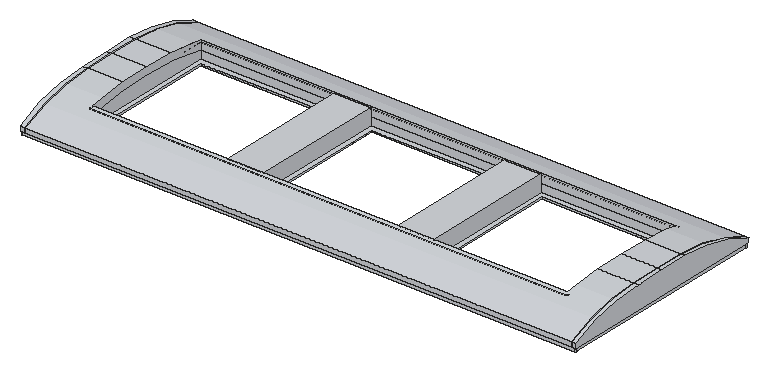
Revit family "Gira_021359", category Electrical Fixtures, host Face, Revit 2017
Family settings
  Host = Face
  Maintain Annotation Orientation = No
  Round Connector Dimension = Use Diameter
  Part Type = Normal
  Cut with Voids When Loaded = No
  Shared = No
  Room Calculation Point = No
Parameters (values of type "Cov.fr. 3-g interm.fr. CAl Gira Event Opaque dark brown")
  With mounting grid = "No"
  With hinged lid = "No"
  URL = "http://katalog.gira.de/en/datenblatt.html?artikelnr=021359"
  Type of fastening = "Clamp mounting"
  Transparent = "No"
  Surface protection = "Other"
  Suitable for wall duct = "No"
  Suitable for flush-mounted installation = "Yes"
  Suitable for floor box = "No"
  Suitable for built-in installation = "No"
  Number of units vertical = "3"
  Number of units horizontal = "3"
  Number of units = "3"
  Name = "Cov.fr. 3-g interm.fr. CAl Gira Event Opaque dark brown"
  Mounting direction = "Horizontal and vertical"
  Material quality = "Thermoplastic"
  Material = "Plastic"
  Manufacturer URL = "https://www.gira.de/"
  Manufacturer = "Gira"
  Label space/information surface = "No"
  Keynote = ""
  HeinzeBIM = "https://bimportal.heinze.de/bim/cov-fr-3-g-interm-fr-cal-gira-event-opaque-dark-brown/2b86bb081d79cfe746fb42c2c3793d3ba22d6d92"
  Halogen free = "Yes"
  HAN = "021359"
  GTIN = "4010337003441"
  Description = "Cov.fr.3g i.fr.CAl EvOp DBN,Gira Event Opaque frames,dark brown with colour aluminium intermediate frame,3-gang,Features:,- Shatter-proof."
  Degree of protection (IP) = "IP20"
  Default Elevation = 1219.2 mm
  Data sheet (1) = "https://katalog.gira.de/en/download.html?artikelnr=021359"
  Colour = "Brown"
  Category = "Cover frame for domestic switching devices"
  BIM (1) = "https://media.stage.bim.site/public/gira/36a6b08/Event_Rahmen_3fach.rfa"
  Available = "No"
Reference planes
  plane 1 "Center (Front/Back)": y = 0
  plane 2: z = 0
  plane 3 "Center (Left/Right)": x = 0
Forms (mm)
  Extrusion 1, solid, detail levels fine
    sketch origin (0, 0, 0.05) x (0, 1, 0) y (0, 0, 1)
      loop
        arc (12.445, 9.683) -> (6.223, 9.833) -> (0, 9.85) r 291.636
        arc (0, 9.85) -> (-6.223, 9.833) -> (-12.445, 9.683) r 291.636
        arc (-12.445, 9.683) -> (-29.14, 7.482) -> (-45, 1.823) r 79.728
        line (-45, 1.823) -> (-45, -0.05) -> (-42.086, -0.05)
        arc (-42.086, -0.05) -> (-21.385, 5.559) -> (0, 7.206) r 114.424
        arc (0, 7.206) -> (21.385, 5.559) -> (42.086, -0.05) r 114.424
        line (42.086, -0.05) -> (45, -0.05) -> (45, 1.823)
        arc (45, 1.823) -> (29.14, 7.482) -> (12.445, 9.683) r 79.728
    from -114.3 to 114.3
  Extrusion 2, void, detail levels fine
    sketch origin (0, 0, 0) x (1, 0, 0) y (0, 1, 0)
      loop
        line (-99.355, -28.053) -> (99.355, -28.053) -> (99.355, 28.053) -> (-99.355, 28.053) -> (-99.355, -28.053)
    from 0.724 to 11
  Extrusion 3, solid, detail levels coarse
    sketch origin (0, 0, 0) x (1, 0, 0) y (0, 1, 0)
      loop
        line (-116.3, 45) -> (-116.3, -45) -> (116.3, -45) -> (116.3, 45) -> (-116.3, 45)
    from -1.5 to 9.9
  Extrusion 4, solid, detail levels medium
    sketch origin (0, 0, 0.05) x (0, 1, 0) y (0, 0, 1)
      loop
        arc (12.445, 9.683) -> (6.223, 9.833) -> (0, 9.85) r 291.636
        arc (0, 9.85) -> (-6.223, 9.833) -> (-12.445, 9.683) r 291.636
        arc (-12.445, 9.683) -> (-29.14, 7.482) -> (-45, 1.823) r 79.728
        line (-45, 1.823) -> (-45, -0.05) -> (45, -0.05) -> (45, 1.823)
        arc (45, 1.823) -> (29.14, 7.482) -> (12.445, 9.683) r 79.728
    from -116.3 to 116.3
  Extrusion 5, solid, detail levels fine
    sketch origin (-71.3, 0, -1.5) x (0, 1, 0) y (0, 0, -1)
      loop
        line (45, -3.373) -> (45, -1.5) -> (-45, -1.5) -> (-45, -3.373)
        arc (-45, -3.373) -> (-29.14, -9.032) -> (-12.445, -11.233) r 79.728
        arc (-12.445, -11.233) -> (-6.223, -11.383) -> (0, -11.4) r 291.636
        arc (0, -11.4) -> (6.223, -11.383) -> (12.445, -11.233) r 291.636
        arc (12.445, -11.233) -> (29.14, -9.032) -> (45, -3.373) r 79.728
    from 43 to 45
  Extrusion 6, solid, detail levels fine
    sketch origin (0, 0, 0) x (1, 0, 0) y (0, 1, 0)
      loop
        line (-97.195, 25.7) -> (-97.195, -25.7) -> (-45.395, -25.7) -> (-45.395, 25.7) -> (-97.195, 25.7)
      loop
        line (25.9, -25.7) -> (25.9, 25.7) -> (-25.9, 25.7) -> (-25.9, -25.7) -> (25.9, -25.7)
      loop
        line (-100.19, 28.49) -> (-100.19, -28.495)
        spline (-100.19, -28.495) -> (-100.181, -28.625) -> (-100.156, -28.754) -> (-100.113, -28.878) -> (-100.056, -28.995) -> (-99.983, -29.104) -> (-99.897, -29.202) -> (-99.798, -29.288) -> (-99.69, -29.361) -> (-99.572, -29.419) -> (-99.448, -29.461) -> (-99.32, -29.486) -> (-99.19, -29.495)
        line (-99.19, -29.495) -> (99.195, -29.495)
        spline (99.195, -29.495) -> (99.325, -29.486) -> (99.454, -29.461) -> (99.578, -29.419) -> (99.695, -29.361) -> (99.804, -29.288) -> (99.902, -29.202) -> (99.988, -29.104) -> (100.061, -28.995) -> (100.119, -28.878) -> (100.161, -28.754) -> (100.186, -28.625) -> (100.195, -28.495)
        line (100.195, -28.495) -> (100.195, 28.49)
        spline (100.195, 28.49) -> (100.186, 28.62) -> (100.161, 28.748) -> (100.119, 28.872) -> (100.061, 28.99) -> (99.988, 29.098) -> (99.902, 29.197) -> (99.804, 29.283) -> (99.695, 29.356) -> (99.578, 29.413) -> (99.454, 29.456) -> (99.325, 29.481) -> (99.195, 29.49)
        line (99.195, 29.49) -> (-99.19, 29.49)
        spline (-99.19, 29.49) -> (-99.32, 29.481) -> (-99.448, 29.456) -> (-99.572, 29.413) -> (-99.69, 29.356) -> (-99.798, 29.283) -> (-99.897, 29.197) -> (-99.983, 29.098) -> (-100.056, 28.99) -> (-100.113, 28.872) -> (-100.156, 28.748) -> (-100.181, 28.62) -> (-100.19, 28.49)
      loop
        line (97.2, -25.7) -> (97.2, 25.7) -> (45.4, 25.7) -> (45.4, -25.7) -> (97.2, -25.7)
    from 0.1 to 7.3
  Extrusion 7, solid
    sketch origin (0, 0, 0) x (1, 0, 0) y (0, 1, 0)
      loop
        arc (-116, -44.2) -> (-115.854, -44.554) -> (-115.5, -44.7) r 0.5
        line (-115.5, -44.7) -> (115.5, -44.7)
        arc (115.5, -44.7) -> (115.854, -44.554) -> (116, -44.2) r 0.5
        line (116, -44.2) -> (116, 44.2)
        arc (116, 44.2) -> (115.854, 44.554) -> (115.5, 44.7) r 0.5
        line (115.5, 44.7) -> (-115.5, 44.7)
        arc (-115.5, 44.7) -> (-115.854, 44.554) -> (-116, 44.2) r 0.5
        line (-116, 44.2) -> (-116, -44.2)
      loop
        line (-114.3, 43) -> (-114.3, -43) -> (114.3, -43) -> (114.3, 43) -> (-114.3, 43)
    from -1.5 to 0.5
  Extrusion 8, solid, detail levels fine
    sketch origin (71.3, 0, -1.5) x (0, 1, 0) y (0, 0, 1)
      loop
        arc (45, 3.373) -> (29.14, 9.032) -> (12.445, 11.233) r 79.728
        arc (12.445, 11.233) -> (6.223, 11.383) -> (0, 11.4) r 291.636
        arc (0, 11.4) -> (-6.223, 11.383) -> (-12.445, 11.233) r 291.636
        arc (-12.445, 11.233) -> (-29.14, 9.032) -> (-45, 3.373) r 79.728
        line (-45, 3.373) -> (-45, 1.5) -> (45, 1.5) -> (45, 3.373)
    from 43 to 45
  Extrusion 9, solid, detail levels medium
    sketch origin (0, 0, 0) x (1, 0, 0) y (0, 1, 0)
      loop
        line (-116, -44.7) -> (116, -44.7) -> (116, 44.7) -> (-116, 44.7) -> (-116, -44.7)
    from -1.5 to 0.5
  Extrusion 10, solid, detail levels fine
    sketch origin (-34.207, 0, 0) x (1, 0, 0) y (0, 1, 0)
      loop
        line (-8.943, 28.063) -> (-8.943, -27.937) -> (6.057, -27.937) -> (6.057, 28.063) -> (-8.943, 28.063)
    from 0.724 to 7.566
  Extrusion 11, solid, detail levels fine
    sketch origin (34.207, 0, 0) x (-1, 0, 0) y (0, -1, 0)
      loop
        line (-8.943, -28.063) -> (6.057, -28.063) -> (6.057, 27.937) -> (-8.943, 27.937) -> (-8.943, -28.063)
    from 0.724 to 7.566
Cuts and joins
  Extrusion 2 cuts Extrusion 1
  Extrusion 2 cuts Extrusion 6
Dimensions and locks
  aligned and locked: plane 2 to host face
  aligned and locked: level to host face
